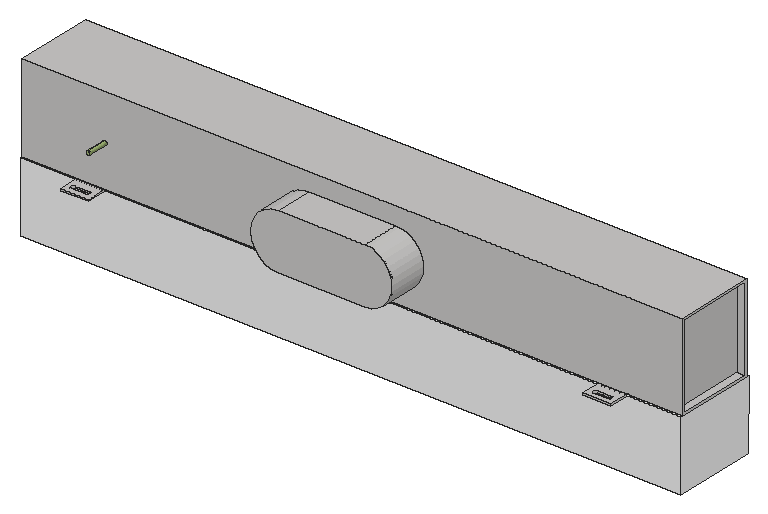
Revit family "HVAC-Inffuser-Dadanco-IDL20i", category Mechanical Equipment, Revit 2015
Parameters (values of type "4' Nominal Length")
  Zone Name [instance] = ""
  Zone ID [instance] = ""
  Unit Width = 0' - 8 199/256"  # constant formula
  Unit Tag [instance] = ""
  Unit Height = 0' - 11 43/128"  # constant formula
  URL = "http://www.dadanco.com/"
  Type Comments = "2 way Discharge Internal Entrainment Linear Inffuser"
  Total Cooling Capacity = 0.0 Btu/h
  Supply Air = 0 CFM
  Revision Date = "04/04/2008"  # constant formula
  Primary Air Static Pressure [instance] = PASP  # 0.00 in-wg
  Primary Air Inlet Size = 0' - 8"
  Primary Air Flow Rate [instance] = PA  # 0 CFM
  PASP = 0.00 in-wg
  PA = 0 CFM
  Overall Unit Length = Nominal Unit Length - 0' 0 1/4"  # 3' - 11 3/4"
  Nozzle Configuration = ""
  Nominal Unit Length = 4' - 0"
  Net Unit Cooling Sensible = 0.0 Btu/h
  Model Number = ""
  Latent Cooling = 0.0 Btu/h
  Keynote = "23 37 00.A1"
  Grill Material = Metal-Dadanco-Aluminum-Bone White
  Product Page URL = "ttp://www.dadanco.com/inffuser/dadanco_inffuser_air.asp"
  Documentation Link = "http://www.dadanco.com/inffuser/air_quality_literature.asp?productLineID=31"
  Cooling Supply Air Temperature = 0 °F
  Cooling Room Relative Humidity = 0
  Cooling Room Dry Bulb = 0 °F
  Cooling Primary Air Relative Humidity = 0
  Model = "IDL20I"  # constant formula
  Manufacturer = "Dadanco"  # constant formula
  Plenum Material = Metal-Dadanco-Steel-Galvanized
  Description = "Inffuser"  # constant formula
  Cooling Primary Air Dry Bulb = 0 °F
  Architectural Design Manual = "http://www.dadanco.com/inffuser/dadanco_inffuser_air.asp"
  Air Inlet Length = if(Primary Air Inlet Size = 0' 6", 0' 7 215/256", if(Primary Air Inlet Size = 0' 8", 0' 10 61/256", if(Primary Air Inlet Size = 0' 10", 1' 0 215/256", 0' 6")))  # 0' - 10 61/256"
  Air Inlet Radius = if(Primary Air Inlet Size = 0' 6", 0' 1 41/128", if(Primary Air Inlet Size = 0' 8", 0' 2 5/256", if(Primary Air Inlet Size = 0' 10", 0' 2 41/128", 0' 1 1/2")))  # 0' - 2 5/256"
  Air Inlet Height = Air Inlet Radius * 2  # 0' - 4 5/128"
  Air Inlet Half Length = Air Inlet Length / 2  # 0' - 5.11914"
  Assembly Code = "D3040100"
Reference planes (in)
  plane 1 "Center (Front/Back)": y = 4.89822
  plane 2 "Bottom of Plenum": z = 5.03694
  plane 3 "Center (Left/Right)": x = 0.55581
  plane 4 "Nominal Right": x = 24.43081
  plane 5 "Back Edge of Back Bracket": y = 9.28689
  plane 6 "Front Edge of Front Bracket": y = 0.50955
  plane 7 "Top": z = 11.33594
  plane 8 "Bottom": z = 0
  plane 9 "Nominal Left": x = -23.31919
  plane 10 "Back Face of Plenum": y = 7.77822
  plane 11 "Front Face of Plenum": y = 2.01822
  plane 12 "Back Face of Grill": y = 7.92972
  plane 13 "Front Face of Grill": y = 1.86672
  plane 14 "Comiss Pipe Centerline": x = -17.31919
  plane 15 "Left Bracket Left Edge": x = -19.31919
  plane 16 "Right Bracket Right Edge": x = 20.43081
  plane 17 "Left End of Air Inlet": x = -4.56333
  plane 18 "Right End of Air Inlet": x = 5.67495
  plane 19 "Horizontal Centerline of Air Inlet": z = 8.03694
  plane 20 "Top of Grill": z = 4.05294
Forms (in)
  Extrusion 1, solid, material "Metal-Dadanco-Steel-Galvanized" <- "Plenum Material"
    sketch origin (0.55581, 0, 0) x (0, 1, 0) y (0, 0, 1)
      loop
        line (2.01822, 5.03694) -> (7.77822, 5.03694) -> (7.77822, 11.33594) -> (2.01822, 11.33594) -> (2.01822, 5.03694)
    from -23.875 to 23.875
  Extrusion 2, void, detail levels medium+fine
    sketch origin (0.55581, 0, 0) x (0, 1, 0) y (0, 0, 1)
      loop
        line (2.14322, 5.16194) -> (7.65322, 5.16194) -> (7.65322, 11.21094) -> (2.14322, 11.21094) -> (2.14322, 5.16194)
    from 23.275 to 23.875
  Extrusion 3, void, detail levels medium+fine
    sketch origin (-23.31919, 29.0104, 48) x (0, -1, 0) y (0, 0, 1)
      loop
        line (21.35718, -42.83806) -> (26.86718, -42.83806) -> (26.86718, -36.78906) -> (21.35718, -36.78906) -> (21.35718, -42.83806)
    from -0.60156 to 0
  Extrusion 4, solid, material "Metal-Dadanco-Copper-Platina", detail levels medium+fine
    sketch origin (-9.20803, 2.01822, 25.43034) x (0, 0, -1) y (-1, 0, 0)
      loop
        circle (17.39341, 8.11116) r 0.125
    from -1.50867 to 0
  Extrusion 5, solid, material "Metal-Dadanco-Steel-Galvanized" <- "Plenum Material", detail levels medium+fine
    sketch origin (0, 2.01822, 0) x (-1, 0, 0) y (0, 0, 1)
      loop
        line (2.5438, 10.05647) -> (-3.65542, 10.05647)
        spline (-3.65542, 10.05647) -> (-4.17811, 9.98765) -> (-4.66519, 9.7859) -> (-5.08345, 9.46496) -> (-5.40439, 9.0467) -> (-5.60614, 8.55963) -> (-5.67495, 8.03694) -> (-5.60614, 7.51424) -> (-5.40439, 7.02717) -> (-5.08345, 6.60891) -> (-4.66519, 6.28797) -> (-4.17811, 6.08622) -> (-3.65542, 6.01741)
        line (-3.65542, 6.01741) -> (2.5438, 6.01741)
        spline (2.5438, 6.01741) -> (3.06649, 6.08622) -> (3.55356, 6.28797) -> (3.97182, 6.60891) -> (4.29276, 7.02717) -> (4.49452, 7.51424) -> (4.56333, 8.03694) -> (4.49452, 8.55963) -> (4.29276, 9.0467) -> (3.97182, 9.46496) -> (3.55356, 9.7859) -> (3.06649, 9.98765) -> (2.5438, 10.05647)
    from -2.8 to 0
  Extrusion 6, solid, material "Metal-Dadanco-Aluminum-Bone White" <- "Grill Material"
    sketch origin (0.55581, 0, 0) x (0, 1, 0) y (0, 0, 1)
      loop
        line (1.86672, 0) -> (7.92972, 0) -> (7.92972, 5.03694) -> (1.86672, 5.03694) -> (1.86672, 0)
    from -23.875 to 23.875
Cuts and joins
  Extrusion 2, Extrusion 3 cuts Extrusion 1
Lines and regions (in)
  Masking region 1
    outline origin (0, 0, 11.33594) x (0, 1, 0) y (-1, 0, 0)
      loop
        line (2.01822, 23.31919) -> (2.01822, -24.43081) -> (7.77822, -24.43081) -> (7.77822, 23.31919) -> (2.01822, 23.31919)
  Masking region 2
    outline origin (0, 2.01822, 0) x (-1, 0, 0) y (0, 0, 1)
      loop
        line (-24.43081, 0) -> (23.31919, 0) -> (23.31919, 11.33594) -> (-24.43081, 11.33594) -> (-24.43081, 0)
  Masking region 3, detail levels medium+fine
    outline origin (-23.31919, 29.0104, 48) x (0, 1, 0) y (0, 0, 1)
      loop
        line (-21.23218, -36.66406) -> (-26.99218, -36.66406) -> (-26.99218, -42.96306) -> (-27.14368, -42.96306) -> (-27.14368, -48) -> (-21.08068, -48) -> (-21.08068, -42.96306) -> (-21.23218, -42.96306) -> (-21.23218, -36.66406)
  Masking region 4, detail levels medium+fine
    outline origin (24.43081, 0, 0) x (0, 1, 0) y (0, 0, 1)
      loop
        line (7.77822, 11.33594) -> (2.01822, 11.33594) -> (2.01822, 5.03694) -> (1.86672, 5.03694) -> (1.86672, 0) -> (7.92972, 0) -> (7.92972, 5.03694) -> (7.77822, 5.03694) -> (7.77822, 11.33594)
  Masking region 5, detail levels medium+fine
    outline origin (0, 0, 8.03694) x (-1, 0, 0) y (0, -1, 0)
      loop
        line (4.56333, 0.78178) -> (-5.67495, 0.78178) -> (-5.67495, -2.01822) -> (4.56333, -2.01822) -> (4.56333, 0.78178)
  Masking region 6, detail levels coarse
    outline origin (24.43081, 0, 0) x (0, 1, 0) y (0, 0, 1)
      loop
        line (2.01822, 11.33594) -> (2.01822, 0) -> (7.77822, 0) -> (7.77822, 11.33594) -> (2.01822, 11.33594)
  Masking region 7, detail levels medium+fine
    outline origin (0.55581, 0, 0) x (0, 1, 0) y (0, 0, 1)
      loop
        line (-0.78178, 6.01741) -> (2.01822, 6.01741) -> (2.01822, 10.05647) -> (-0.78178, 10.05647) -> (-0.78178, 6.01741)
  reference lines
    curve 1: line (-6.4555, 2.01822, 6.01741) -> (8.94293, 2.01822, 6.01741)
    curve 2: line (-6.4555, 2.01822, 10.05647) -> (8.94293, 2.01822, 10.05647)
    curve 5: line (-2.5438, 2.01822, 5.78429) -> (-2.5438, 2.01822, 10.64681)
    curve 6: line (3.65542, 2.01822, 5.78429) -> (3.65542, 2.01822, 10.64681)
    curve 7: line (-5.29742, -0.78178, 0) -> (7.35102, -0.78178, 0)
  model lines, style "MechanicalEquipment", detail levels medium+fine
    curve 3: line (-23.31919, 5.39822, 0) -> (24.43081, 5.39822, 0)
    curve 4: line (24.43081, 4.39822, 0) -> (-23.31919, 4.39822, 0)
    curve 30: line (-23.31919, 6.39822, 0) -> (24.43081, 6.39822, 0)
    curve 31: line (-23.31919, 7.55472, 0) -> (24.43081, 7.55472, 0)
    curve 32: line (-23.31919, 3.39822, 0) -> (24.43081, 3.39822, 0)
    curve 33: line (-23.31919, 2.24172, 0) -> (24.43081, 2.24172, 0)
  symbolic lines, detail levels fine
    curve 8: line (-17.44419, 2.01822, 5.03694) -> (-17.44419, 0.50955, 5.03694)
    curve 13: line (-23.31919, 7.65322, 5.16194) -> (-23.31919, 2.14322, 5.16194)
    curve 14: line (-23.31919, 7.65322, 11.21094) -> (-23.31919, 7.65322, 5.16194)
    curve 15: line (-23.31919, 2.14322, 11.21094) -> (-23.31919, 7.65322, 11.21094)
    curve 16: line (-23.31919, 2.14322, 5.16194) -> (-23.31919, 2.14322, 11.21094)
    curve 21: line (0.55581, 2.14322, 5.16194) -> (0.55581, 7.65322, 5.16194)
    curve 22: line (0.55581, 2.14322, 11.21094) -> (0.55581, 2.14322, 5.16194)
    curve 23: line (0.55581, 7.65322, 11.21094) -> (0.55581, 2.14322, 11.21094)
    curve 24: line (0.55581, 7.65322, 5.16194) -> (0.55581, 7.65322, 11.21094)
  symbolic lines, detail levels medium+fine
    curve 9: line (-23.34222, 7.77822, 5.03694) -> (24.43081, 7.77822, 5.03694)
    curve 10: line (-23.31919, 2.01822, 4.05294) -> (24.43081, 2.01822, 4.05294)
    curve 11: line (24.43081, 2.01822, 5.03694) -> (-23.34222, 2.01822, 5.03694)
    curve 12: line (-23.31919, 7.92972, 5.03694) -> (-23.31919, 1.86672, 5.03694)
    curve 17: line (-17.31919, 2.01822, 8.16194) -> (-17.31919, 0.50955, 8.16194)
    curve 18: line (-17.31919, 0.50955, 8.16194) -> (-17.31919, 0.50955, 7.91194)
    curve 19: line (-17.31919, 0.50955, 7.91194) -> (-17.31919, 2.01822, 7.91194)
    curve 20: line (24.43081, 1.86672, 5.03694) -> (24.43081, 7.92972, 5.03694)
    curve 25: circle (-17.31919, 2.01822, 8.03694) r 0.125 normal (0, 1, 0)
    curve 26: spline (-2.5438, 2.01822, 6.01741) -> (-3.06649, 2.01822, 6.08622) -> (-3.55356, 2.01822, 6.28797) -> (-3.97182, 2.01822, 6.60891) -> (-4.29276, 2.01822, 7.02717) -> (-4.49452, 2.01822, 7.51424) -> (-4.56333, 2.01822, 8.03694) -> (-4.49452, 2.01822, 8.55963) -> (-4.29276, 2.01822, 9.0467) -> (-3.97182, 2.01822, 9.46496) -> (-3.55356, 2.01822, 9.7859) -> (-3.06649, 2.01822, 9.98765) -> (-2.5438, 2.01822, 10.05647)
    curve 27: spline (3.65542, 2.01822, 10.05647) -> (4.17811, 2.01822, 9.98765) -> (4.66519, 2.01822, 9.7859) -> (5.08345, 2.01822, 9.46496) -> (5.40439, 2.01822, 9.0467) -> (5.60614, 2.01822, 8.55963) -> (5.67495, 2.01822, 8.03694) -> (5.60614, 2.01822, 7.51424) -> (5.40439, 2.01822, 7.02717) -> (5.08345, 2.01822, 6.60891) -> (4.66519, 2.01822, 6.28797) -> (4.17811, 2.01822, 6.08622) -> (3.65542, 2.01822, 6.01741)
    curve 28: line (-2.5438, 2.01822, 10.05647) -> (3.65542, 2.01822, 10.05647)
    curve 29: line (3.65542, 2.01822, 6.01741) -> (-2.5438, 2.01822, 6.01741)
Dimensions and locks (in)
  equal spacing: plane 9 "Nominal Left", plane 3 "Center (Left/Right)", plane 4 "Nominal Right"
  "Overall Unit Length": plane 9 "Nominal Left" to plane 4 "Nominal Right"
  "Unit Width": plane 6 "Front Edge of Front Bracket" to plane 5 "Back Edge of Back Bracket"
  equal spacing: plane 5 "Back Edge of Back Bracket", plane 1 "Center (Front/Back)", plane 6 "Front Edge of Front Bracket"
  "Unit Height": plane 7 "Top" to plane 8 "Bottom"
  locked: plane 7 "Top" to plane 2 "Bottom of Plenum" at 6.299
  locked: plane 10 "Back Face of Plenum" to plane 11 "Front Face of Plenum" at 5.76
  equal spacing: plane 10 "Back Face of Plenum", plane 1 "Center (Front/Back)", plane 11 "Front Face of Plenum"
  locked: plane 9 "Nominal Left" to plane 14 "Comiss Pipe Centerline" at 6
  locked: plane 9 "Nominal Left" to plane 15 "Left Bracket Left Edge" at 4
  locked: plane 16 "Right Bracket Right Edge" to plane 4 "Nominal Right" at 4
  locked: plane 19 "Horizontal Centerline of Air Inlet" to plane 2 "Bottom of Plenum" at 3
  "Air Inlet Half Length": plane 17 "Left End of Air Inlet" to plane 3 "Center (Left/Right)"
  "Air Inlet Half Length": plane 18 "Right End of Air Inlet" to plane 3 "Center (Left/Right)"
  "Air Inlet Radius": plane 19 "Horizontal Centerline of Air Inlet" to curve 1
  "Air Inlet Radius": curve 2 to plane 19 "Horizontal Centerline of Air Inlet"
  locked: plane 2 "Bottom of Plenum" to plane 20 "Top of Grill" at 0.984
  locked: plane 7 "Top" to Extrusion 2 sketch curve at 0.125
  locked: Extrusion 1 to Extrusion 2 sketch curve at 0.125
  locked: Extrusion 2 sketch curve to Extrusion 1 at 0.125
  locked: Extrusion 2 sketch curve to plane 2 "Bottom of Plenum" at 0.125
  locked: cut or joined group of Extrusion 1, Extrusion 2, Extrusion 3 to plane 4 "Nominal Right" at 0.6  (x2)
  locked: cut or joined group of Extrusion 1, Extrusion 2, Extrusion 3 to plane 9 "Nominal Left" at 0.60156
  plane 4 "Nominal Right" to cut or joined group of Extrusion 1, Extrusion 2, Extrusion 3 = 0' - 0"
  locked: plane 9 "Nominal Left" to cut or joined group of Extrusion 1, Extrusion 2, Extrusion 3 at 0
  locked: plane 1 "Center (Front/Back)" to curve 3 at 0.5
  locked: plane 1 "Center (Front/Back)" to curve 4 at 0.5
  "Air Inlet Radius": plane 17 "Left End of Air Inlet" to curve 5
  "Air Inlet Radius": plane 18 "Right End of Air Inlet" to curve 6
  locked: plane 18 "Right End of Air Inlet" to Extrusion 5 sketch curve at 0
  locked: plane 17 "Left End of Air Inlet" to Extrusion 5 sketch curve at 0
  locked: plane 11 "Front Face of Plenum" to curve 7 at 2.8
  locked: plane 12 "Back Face of Grill" to plane 13 "Front Face of Grill" at 6.063
  equal spacing: plane 12 "Back Face of Grill", plane 1 "Center (Front/Back)", plane 13 "Front Face of Grill"
  locked: plane 9 "Nominal Left" to cut or joined group of Extrusion 1, Extrusion 2, Extrusion 3 at 0.60156
  "Air Inlet Half Length": Masking region 5 sketch curve to plane 3 "Center (Left/Right)"
  "Air Inlet Half Length": plane 3 "Center (Left/Right)" to Masking region 5 sketch curve
  locked: plane 13 "Front Face of Grill" to curve 33 at 0.375
  locked: plane 12 "Back Face of Grill" to curve 31 at 0.375
  locked: curve 32 to curve 4 at 1
  locked: curve 3 to curve 30 at 1
  aligned and locked: plane 8 "Bottom" to level
  aligned and locked: plane 11 "Front Face of Plenum" to Extrusion 1 sketch curve
  aligned and locked: plane 7 "Top" to Extrusion 1 sketch curve
  aligned and locked: Extrusion 1 to plane 9 "Nominal Left"
  aligned and locked: Extrusion 1 to plane 4 "Nominal Right"
  aligned and locked: plane 10 "Back Face of Plenum" to Extrusion 1 sketch curve
  aligned and locked: Extrusion 2 to plane 4 "Nominal Right"
  aligned and locked: Extrusion 3 sketch curve to cut or joined group of Extrusion 1, Extrusion 2, Extrusion 3  (x3)
  aligned and locked: cut or joined group of Extrusion 1, Extrusion 2, Extrusion 3 to Extrusion 3 sketch curve
  aligned and locked: cut or joined group of Extrusion 1, Extrusion 2, Extrusion 3 to plane 4 "Nominal Right"
  aligned and locked: plane 4 "Nominal Right" to cut or joined group of Extrusion 1, Extrusion 2, Extrusion 3  (x3)
  aligned and locked: plane 9 "Nominal Left" to cut or joined group of Extrusion 1, Extrusion 2, Extrusion 3
  aligned and locked: Extrusion 3 to plane 9 "Nominal Left"
  aligned and locked: plane 11 "Front Face of Plenum" to Extrusion 4
  aligned and locked: plane 6 "Front Edge of Front Bracket" to Extrusion 4
  aligned and locked: plane 4 "Nominal Right" to curve 3
  aligned and locked: plane 4 "Nominal Right" to curve 4
  aligned and locked: plane 9 "Nominal Left" to curve 3
  aligned and locked: plane 9 "Nominal Left" to curve 4
  aligned and locked: curve 2 to Extrusion 5 sketch curve
  aligned and locked: Extrusion 5 sketch curve to curve 1
  aligned and locked: curve 6 to Extrusion 5 sketch curve  (x2)
  aligned and locked: curve 5 to Extrusion 5 sketch curve  (x2)
  aligned: plane 6 "Front Edge of Front Bracket" to Extrusion 5
  aligned and locked: plane 11 "Front Face of Plenum" to Extrusion 5
  aligned and locked: Masking region 1 sketch curve to cut or joined group of Extrusion 1, Extrusion 2, Extrusion 3  (x3)
  aligned and locked: cut or joined group of Extrusion 1, Extrusion 2, Extrusion 3 to Masking region 1 sketch curve
  aligned and locked: curve 7 to Extrusion 5
  aligned and locked: Masking region 2 sketch curve to curve 3
  aligned and locked: Masking region 2 sketch curve to cut or joined group of Extrusion 1, Extrusion 2, Extrusion 3  (x2)
  aligned and locked: plane 2 "Bottom of Plenum" to curve 9
  aligned and locked: plane 2 "Bottom of Plenum" to curve 11
  aligned and locked: curve 10 to plane 20 "Top of Grill"
  aligned and locked: Masking region 3 sketch curve to plane 7 "Top"
  aligned and locked: Masking region 3 sketch curve to plane 10 "Back Face of Plenum"
  aligned and locked: plane 11 "Front Face of Plenum" to Masking region 3 sketch curve
  aligned and locked: plane 13 "Front Face of Grill" to Masking region 3 sketch curve
  aligned and locked: Masking region 3 sketch curve to plane 12 "Back Face of Grill"
  aligned and locked: Masking region 3 sketch curve to plane 8 "Bottom"
  aligned and locked: plane 2 "Bottom of Plenum" to Masking region 3 sketch curve  (x2)
  aligned and locked: curve 13 to cut or joined group of Extrusion 1, Extrusion 2, Extrusion 3  (x2)
  aligned and locked: cut or joined group of Extrusion 1, Extrusion 2, Extrusion 3 to curve 16
  aligned and locked: curve 16 to cut or joined group of Extrusion 1, Extrusion 2, Extrusion 3
  aligned and locked: curve 21 to cut or joined group of Extrusion 1, Extrusion 2, Extrusion 3  (x2)
  aligned and locked: cut or joined group of Extrusion 1, Extrusion 2, Extrusion 3 to curve 24
  aligned and locked: curve 24 to cut or joined group of Extrusion 1, Extrusion 2, Extrusion 3
  aligned and locked: plane 14 "Comiss Pipe Centerline" to Extrusion 4 sketch curve
  aligned and locked: plane 19 "Horizontal Centerline of Air Inlet" to Extrusion 4 sketch curve
  aligned and locked: plane 5 "Back Edge of Back Bracket" to nested 2
  aligned and locked: plane 6 "Front Edge of Front Bracket" to nested 1
  aligned and locked: plane 6 "Front Edge of Front Bracket" to nested 4
  aligned and locked: plane 5 "Back Edge of Back Bracket" to nested 3
  aligned and locked: nested 1 to plane 2 "Bottom of Plenum"
  aligned and locked: plane 2 "Bottom of Plenum" to nested 2
  aligned and locked: plane 2 "Bottom of Plenum" to nested 3
  aligned and locked: nested 4 to plane 2 "Bottom of Plenum"
  aligned and locked: cut or joined group of Extrusion 1, Extrusion 2, Extrusion 3 to plane 2 "Bottom of Plenum"
  aligned and locked: plane 15 "Left Bracket Left Edge" to nested 4
  aligned and locked: nested 3 to plane 15 "Left Bracket Left Edge"
  aligned and locked: nested 2 to plane 16 "Right Bracket Right Edge"
  aligned and locked: plane 16 "Right Bracket Right Edge" to nested 1
  aligned and locked: Masking region 5 sketch curve to Extrusion 5  (x2)
  aligned and locked: curve 5 to curve 26  (x2)
  aligned and locked: curve 6 to curve 27  (x2)
  aligned and locked: curve 28 to Extrusion 5
  aligned and locked: curve 29 to Extrusion 5
  aligned and locked: plane 11 "Front Face of Plenum" to Masking region 6 sketch curve
  aligned and locked: plane 7 "Top" to Masking region 6 sketch curve
  aligned and locked: plane 8 "Bottom" to Masking region 6 sketch curve
  aligned and locked: plane 10 "Back Face of Plenum" to Masking region 6 sketch curve
  aligned and locked: Masking region 7 sketch curve to Extrusion 5  (x3)
  aligned and locked: Extrusion 5 to Masking region 7 sketch curve
  aligned and locked: plane 13 "Front Face of Grill" to Extrusion 6 sketch curve
  aligned and locked: plane 2 "Bottom of Plenum" to Extrusion 6 sketch curve
  aligned and locked: plane 8 "Bottom" to Extrusion 6 sketch curve
  aligned and locked: plane 12 "Back Face of Grill" to Extrusion 6 sketch curve
  aligned and locked: Extrusion 6 to plane 9 "Nominal Left"
  aligned and locked: Extrusion 6 to plane 4 "Nominal Right"
Automatic sketch dimensions
  curve 2 to plane 18 "Right End of Air Inlet" = 0' - 3.26798"
  plane 17 "Left End of Air Inlet" to curve 2 = 0' - 1.89217"
  curve 1 to curve 2 = 0' - 0"
  plane 17 "Left End of Air Inlet" to curve 1 = 0' - 1.89217"
  curve 5 to plane 7 "Top" = 0' - 0.68912"
  plane 2 "Bottom of Plenum" to curve 5 = 0' - 0.74736"
  plane 2 "Bottom of Plenum" to curve 6 = 0' - 0.74736"
  curve 6 to plane 7 "Top" = 0' - 0.68912"
  plane 18 "Right End of Air Inlet" to curve 7 = 0' - 1.67607"
  curve 7 to plane 17 "Left End of Air Inlet" = 0' - 0.73409"
  curve 12 to plane 2 "Bottom of Plenum" = 0' - 0"
  curve 12 to plane 13 "Front Face of Grill" = 0' - 0"
  curve 12 to plane 12 "Back Face of Grill" = 0' - 0"
  Extrusion 1 sketch curve to plane 2 "Bottom of Plenum" = 0' - 0"
  curve 33 to plane 4 "Nominal Right" = 0' - 0"
  curve 32 to plane 4 "Nominal Right" = 0' - 0"
  curve 31 to plane 4 "Nominal Right" = 0' - 0"
  curve 30 to plane 4 "Nominal Right" = 0' - 0"
  curve 30 to plane 9 "Nominal Left" = 0' - 0"
  curve 32 to plane 9 "Nominal Left" = 0' - 0"
  curve 31 to plane 9 "Nominal Left" = 0' - 0"
  curve 33 to plane 9 "Nominal Left" = 0' - 0"
  plane 6 "Front Edge of Front Bracket" to curve 8 = 0' - 0"
  curve 8 to plane 11 "Front Face of Plenum" = 0' - 0"
  plane 14 "Comiss Pipe Centerline" to curve 8 = 0' - 0 1/8"
  plane 4 "Nominal Right" to Masking region 2 sketch curve = 0' - 0"
  plane 4 "Nominal Right" to curve 9 = 0' - 0"
  curve 9 to plane 9 "Nominal Left" = 0' - 0.02304"
  plane 4 "Nominal Right" to curve 10 = 0' - 0"
  plane 4 "Nominal Right" to curve 11 = 0' - 0"
  plane 14 "Comiss Pipe Centerline" to curve 25 = 0' - 0"
  curve 10 to plane 9 "Nominal Left" = 0' - 0"
  curve 25 to plane 19 "Horizontal Centerline of Air Inlet" = 0' - 0"
  curve 11 to plane 9 "Nominal Left" = 0' - 0.02304"
  curve 19 to plane 11 "Front Face of Plenum" = 0' - 0"
  curve 17 to plane 11 "Front Face of Plenum" = 0' - 0"
  curve 18 to plane 6 "Front Edge of Front Bracket" = 0' - 0"
  curve 19 to plane 19 "Horizontal Centerline of Air Inlet" = 0' - 0 1/8"
  plane 19 "Horizontal Centerline of Air Inlet" to curve 18 = 0' - 0 1/8"
  level to Masking region 4 sketch curve = 0' - 0"
  Masking region 4 sketch curve to plane 13 "Front Face of Grill" = 0' - 0"
  Masking region 4 sketch curve to plane 2 "Bottom of Plenum" = 0' - 0"  (x2)
  Masking region 4 sketch curve to plane 11 "Front Face of Plenum" = 0' - 0"
  Masking region 4 sketch curve to plane 7 "Top" = 0' - 0"
  Masking region 4 sketch curve to plane 10 "Back Face of Plenum" = 0' - 0"
  Masking region 4 sketch curve to plane 12 "Back Face of Grill" = 0' - 0"
  curve 20 to plane 2 "Bottom of Plenum" = 0' - 0"
  curve 20 to plane 13 "Front Face of Grill" = 0' - 0"
  curve 20 to plane 12 "Back Face of Grill" = 0' - 0"
  radius of Extrusion 4 sketch curve = 0' - 0 1/8"
  radius of curve 25 = 0' - 0 1/8"
Nested families (in)
  nested 1: "HVAC-Inffuser-Dadanco-IDL_Bracket" at (19.43081, 1.57555, 5.03694), type "Flat Bracket", detail levels medium+fine
  nested 2: "HVAC-Inffuser-Dadanco-IDL_Bracket" at (19.43081, 8.22089, 5.03694) x (-1, 0, 0) z (0, 0, 1), type "Flat Bracket", detail levels medium+fine
  nested 3: "HVAC-Inffuser-Dadanco-IDL_Bracket" at (-18.31919, 8.22089, 5.03694) x (-1, 0, 0) z (0, 0, 1), type "Flat Bracket", detail levels medium+fine
  nested 4: "HVAC-Inffuser-Dadanco-IDL_Bracket" at (-18.31919, 1.57555, 5.03694), type "Flat Bracket", detail levels medium+fine
Connectors (in)
  hvac at (0.55581, -0.78178, 8.03694), driven by "Air Inlet Height", driven by "Air Inlet Length", driven by "Primary Air Flow Rate", driven by "Primary Air Static Pressure"
    settings: on Extrusion 5, index 1, duct flow 0 CFM, flow factor 0, pres drop 0.00 in-wg, loss coef 0, conn angle 0.00°, conn width 10 61/256", conn height 4 5/128", conn diameter 24", duct sys type 1, conn prof type 1, flow config 1, flow direction 1, loss method 4, conn ref index -1, conn util no, is conn primary yes, conn desc "Primary Air Inlet Front"
Definition of nested family "HVAC-Inffuser-Dadanco-IDL_Bracket"
  Reference planes (in)
    plane 1 "Center (Front/Back)": y = 0
    plane 2: z = 0
    plane 3 "Center (Left/Right)": x = 0
    plane 4: x = -1
    plane 5: x = 1
    plane 6: y = 1.334
    plane 7: y = -1.066
  Forms (in)
    Extrusion 1, solid, detail levels medium+fine
      sketch origin (0, 0, 0) x (1, 0, 0) y (0, 1, 0)
        loop
          line (-1, -1.066) -> (1, -1.066) -> (1, 1.334) -> (-1, 1.334) -> (-1, -1.066)
      from -0.125 to 0
    Extrusion 2, void
      sketch origin (0, 0, 0) x (1, 0, 0) y (0, 1, 0)
        loop
          arc (-0.5, -0.35) -> (-0.683, -0.533) -> (-0.5, -0.716) r 0.183
          line (-0.5, -0.716) -> (0.5, -0.716)
          arc (0.5, -0.716) -> (0.683, -0.533) -> (0.5, -0.35) r 0.183
          line (0.5, -0.35) -> (-0.5, -0.35)
      from -0.125 to 0
  Cuts and joins
    Extrusion 2 cuts Extrusion 1
  Lines and regions (in)
    reference lines
      curve 1: line (-0.84521, -0.716, 0) -> (0.85256, -0.716, 0)
      curve 2: line (-0.84521, -0.35, 0) -> (0.85256, -0.35, 0)
      curve 3: line (-0.5, -0.90921, 0) -> (-0.5, -0.12051, 0)
      curve 4: line (0.5, -0.90921, 0) -> (0.5, -0.12051, 0)
    symbolic lines, detail levels fine
      curve 5: line (0.5, -0.35, 0) -> (-0.5, -0.35, 0)
      curve 6: arc (-0.5, -0.35, 0) -> (-0.683, -0.533, 0) -> (-0.5, -0.716, 0) r 0.183
      curve 7: line (-0.5, -0.716, 0) -> (0.5, -0.716, 0)
      curve 8: arc (0.5, -0.716, 0) -> (0.683, -0.533, 0) -> (0.5, -0.35, 0) r 0.183
      curve 9: line (-1, 0, -0.125) -> (1, 0, -0.125)
      curve 10: line (-1, 0, 0) -> (-1, 0, -0.125)
      curve 12: line (1, 0, -0.125) -> (1, 0, 0)
      curve 14: line (0, -1.066, -0.125) -> (0, -1.066, 0)
      curve 15: line (0, 1.334, -0.125) -> (0, -1.066, -0.125)
      curve 16: line (0, 1.334, 0) -> (0, 1.334, -0.125)
    symbolic lines, detail levels medium+fine
      curve 11: line (1, 0, 0) -> (-1, 0, 0)
      curve 13: line (0, -1.066, 0) -> (0, 1.334, 0)
      curve 17: line (-1, 0.434, 0) -> (-1, -1.066, 0)
      curve 18: line (-1, -1.066, 0) -> (1, -1.066, 0)
      curve 19: line (1, -1.066, 0) -> (1, 0.434, 0)
  Dimensions and locks (in)
    locked: plane 6 to plane 7 at 2.4
    equal spacing: plane 4, plane 3 "Center (Left/Right)", plane 5
    locked: plane 4 to plane 5 at 2
    locked: curve 1 to plane 7 at 0.35
    locked: curve 2 to plane 1 "Center (Front/Back)" at 0.35
    curve 3 to plane 3 "Center (Left/Right)" to curve 4 = 0' - 0 1/2" locked, 0' - 0 1/2" locked
    locked: Extrusion 1 to Extrusion 1 at 0.125
    locked: Extrusion 2 to Extrusion 2 at 0.125
    locked: plane 1 "Center (Front/Back)" to plane 6 at 1.334
    aligned and locked: plane 4 to Extrusion 1 sketch curve
    aligned and locked: Extrusion 1 sketch curve to plane 7
    aligned and locked: plane 6 to Extrusion 1 sketch curve
    aligned and locked: Extrusion 1 sketch curve to plane 5
    aligned and locked: level to Extrusion 1
    aligned and locked: curve 2 to Extrusion 2 sketch curve
    aligned and locked: Extrusion 2 sketch curve to curve 1
    aligned and locked: curve 4 to Extrusion 2 sketch curve  (x2)
    aligned and locked: curve 3 to Extrusion 2 sketch curve  (x2)
    aligned and locked: plane 2 to Extrusion 2
    aligned and locked: curve 6 to cut or joined group of Extrusion 1, Extrusion 2
    aligned and locked: curve 8 to cut or joined group of Extrusion 1, Extrusion 2
    aligned and locked: curve 9 to cut or joined group of Extrusion 1, Extrusion 2  (x2)
    aligned and locked: cut or joined group of Extrusion 1, Extrusion 2 to curve 12
    aligned and locked: curve 12 to cut or joined group of Extrusion 1, Extrusion 2
    aligned and locked: curve 13 to cut or joined group of Extrusion 1, Extrusion 2  (x2)
    aligned and locked: curve 16 to cut or joined group of Extrusion 1, Extrusion 2  (x2)
    aligned and locked: cut or joined group of Extrusion 1, Extrusion 2 to plane 5
    aligned and locked: plane 4 to curve 17
    aligned and locked: cut or joined group of Extrusion 1, Extrusion 2 to plane 7
  Automatic sketch dimensions
    curve 2 to plane 4 = 0' - 0.15479"
    curve 1 to plane 4 = 0' - 0.15479"
    plane 7 to curve 3 = 0' - 0.15679"
    plane 5 to curve 2 = 0' - 0.14744"
    plane 5 to curve 1 = 0' - 0.14744"
    plane 7 to curve 4 = 0' - 0.15679"
    plane 1 "Center (Front/Back)" to curve 4 = 0' - 0.12051"
    plane 1 "Center (Front/Back)" to curve 3 = 0' - 0.12051"
    curve 18 to plane 5 = 0' - 0"
    curve 18 to plane 7 = 0' - 0"
    curve 19 to plane 1 "Center (Front/Back)" = 0' - 0.434"
    curve 17 to plane 1 "Center (Front/Back)" = 0' - 0.434"
